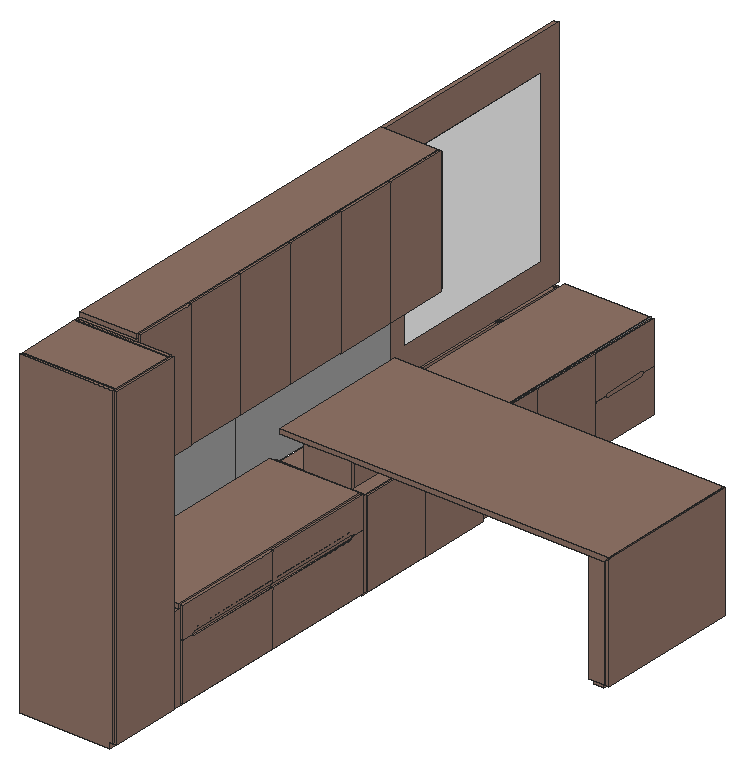
Revit family "T100018", category Furniture, Revit 2022 (continued)
Definition of nested family "OFS SLATE WORKWALL LOW HEIGHT OVERLAY CREDENZAS"
  Automatic sketch dimensions
    plane 12 to Extrusion 12 sketch curve = 1.25"
    Extrusion 12 sketch curve to Extrusion 12 sketch curve = 0.75"
    plane 13 to Sweep 11 sketch curve = 8.70552"
    Sweep 11 sketch curve to Sweep 11 sketch curve = 0.81176"
    Sweep 5 sketch curve to plane 5 = 0.00"
    Sweep 5 sketch curve to plane 3 "Center (Left/Right)" = 0.00"
    Sweep 5 sketch curve to plane 12 = 0.00"
    Sweep 5 sketch curve to profile plane = 0.00"
    profile plane to Sweep 5 sketch curve = 0.75"
    Sweep 5 sketch curve to Sweep 5 sketch curve = 1.25"
    Extrusion 7 sketch curve to plane 3 "Center (Left/Right)" = 0.00"
    plane 5 to Extrusion 7 sketch curve = 0.00"
    plane 12 to Extrusion 7 sketch curve = 1.25"  (x2)
    plane 13 to Extrusion 7 sketch curve = 1.1875"  (x2)
    Extrusion 13 sketch curve to plane 17 = 0.0625"
    plane 17 to Extrusion 13 sketch curve = 0.0625"
    plane 12 to Extrusion 13 sketch curve = 2.00"  (x2)
    Extrusion 13 sketch curve to Extrusion 13 sketch curve = 0.00"
    Extrusion 13 sketch curve to Extrusion 13 sketch curve = 0.125"  (x2)
    plane 13 to Extrusion 13 sketch curve = 0.0625"  (x2)
    Masking region 1 sketch curve to plane 3 "Center (Left/Right)" = 0.00"
    Masking region 1 sketch curve to plane 8 = 0.00"
    Masking region 1 sketch curve to plane 5 = 0.00"
    plane 13 to Extrusion 15 sketch curve = 0.00"
    Extrusion 15 sketch curve to plane 14 = 0.00"
    Extrusion 15 sketch curve to plane 1 "Center (Front/Back)" = 0.00"
    plane 25 to Extrusion 15 sketch curve = 0.00"
    plane 12 to Extrusion 14 sketch curve = 2.00"  (x3)
    plane 13 to Extrusion 14 sketch curve = 0.0625"  (x3)
    plane 25 to Extrusion 14 sketch curve = 5.58125"  (x2)
    Extrusion 14 sketch curve to Extrusion 14 sketch curve = 0.00"
    Extrusion 14 sketch curve to Extrusion 14 sketch curve = 0.125"  (x3)
    plane 25 to Extrusion 13 sketch curve = 5.58125"
Definition of nested family "OFS_Slate Private Office_Storage_Cabinet_Wardrobe"
  Parameters (values of type "OFS_Slate Private Office_Storage_Cabinet_Wardrobe")
    Width = 12.00"
    URL = "http://www.ofsbrands.com/"
    Top [instance] = none
    Right [instance] = no
    Model = "Type Catalog"
    Manufacturer = "OFS BRANDS"  # constant formula
    Left [instance] = yes
    Height = 69.00"
    Glides [instance] = none
    Door [instance] = none
    Description = "Type Catalog"
    Depth = 18.00"
    Default Elevation = 0.00"
    Copyright © = "© 2016 OFS BRANDS"  # constant formula
    Catalog = "OFS"  # constant formula
    Case [instance] = none
    Base [instance] = none
    Authoring Version = "Autodesk Revit Architecture 2014"  # constant formula
    Assembly Code = "E2020200"
  Reference planes (in)
    plane 1 "Center (Front/Back)": y = 0
    plane 2: z = 0
    plane 3 "Center (Left/Right)": x = 0
    plane 4: x = 12
    plane 5: x = 6
    plane 6: y = -18
    plane 7: y = -21.66451
    plane 8: z = 68.7
    plane 9: z = 68.6375
    plane 10: z = 67.95
    plane 11: z = 1.7625
    plane 12: z = 2.45
    plane 13: z = 1.7
    plane 14: z = 0.45
    plane 15: z = 69
  Dimensions and locks (in)
    "Width": plane 3 "Center (Left/Right)" to plane 4
    equal spacing: plane 3 "Center (Left/Right)", plane 5, plane 4
    plane 15 to plane 8 to plane 9 to plane 10 = 0.30" locked, 0.0625" locked, 0.6875" locked
    plane 12 to plane 11 to plane 13 to plane 14 to level = 0.6875" locked, 0.0625" locked, 1.25" locked, 0.45" locked
    "Height": plane 15 to level
    equal spacing: nested 3, nested 4, plane 3 "Center (Left/Right)"
    locked: plane 7 to plane 6 at 3.66451
    "Depth": plane 6 to plane 1 "Center (Front/Back)"
    aligned and locked: level to plane 2
    aligned and locked: nested 1 to plane 7
    aligned and locked: plane 5 to nested 1
    aligned and locked: nested 4 to plane 7
  Nested families (in)
    nested 1: "Tag" at (6, -21.66451, 0) x (-1, 0, 0) z (0, 0, 1), visible <- "Left", type "Center", detail levels fine
      with Offset (LR) 0.00", Distance of Center (not Change) 0.11"
    nested 2: "OFS_Slate Private Office_Storage_Cabinet_Wardrobe" at (0, 0, 0), Top <- "Top", Glides <- "Glides", Drawers <- "Door", Case <- "Case", Base <- "Base", visible <- "Left", type "OFS_Slate Private Office_Storage_Cabinet_Wardrobe"
      with Top none, Right no, Left yes, Glides none, Drawers none, Case none, Base none
    nested 3: "OFS_Slate Private Office_Storage_Cabinet_Wardrobe" at (0, 0, 0) x (-1, 0, 0) z (0, 0, 1), Top <- "Top", Glides <- "Glides", Drawers <- "Door", Case <- "Case", Base <- "Base", visible <- "Right", type "OFS_Slate Private Office_Storage_Cabinet_Wardrobe"
      with Top none, Right no, Left yes, Glides none, Drawers none, Case none, Base none
    nested 4: "Tag" at (-6, -21.66451, 0), visible <- "Right", type "Center", detail levels fine
      with Offset (LR) 0.00", Distance of Center (not Change) 0.11"
  Definition of nested family "OFS_Slate Private Office_Storage_Cabinet_Wardrobe"
    Parameters
      Width = 12.00"
      URL = "http://www.ofsbrands.com/"
      Top [instance] = none
      Right [instance] = no
      Model = "Type Catalog"
      Manufacturer = "OFS BRANDS"  # constant formula
      Left [instance] = yes
      Height = 69.00"
      Glides [instance] = none
      Drawers [instance] = none
      Description = "Type Catalog"
      Depth = 18.00"
      Default Elevation = 0.00"
      Copyright © = "© 2016 OFS BRANDS"  # constant formula
      Catalog = "OFS"  # constant formula
      Case [instance] = none
      Base [instance] = none
      Authoring Version = "Autodesk Revit Architecture 2014"  # constant formula
      Assembly Code = "E2020200"
    Reference planes (in)
      plane 1 "Center (Front/Back)": y = 0
      plane 2: z = 0
      plane 3 "Center (Left/Right)": x = 0
      plane 4: x = 12
      plane 5: x = 6
      plane 6: y = -0.75
      plane 7: y = -1.37544
      plane 8: y = -18
      plane 9: y = -17.25
      plane 10: y = -16.375
      plane 11: y = -14.99956
      plane 12: y = -15.625
      plane 13: y = -21.66451
      plane 14: x = 0.75
      plane 15: x = 2.25
      plane 16: x = 9.75
      plane 17: x = 11.25
      plane 18: z = 68.7
      plane 19: z = 68.6375
      plane 20: z = 67.95
      plane 21: z = 1.7625
      plane 22: z = 2.45
      plane 23: z = 1.7
      plane 24: z = 0.45
      plane 25: z = 69
    Forms (in)
      Revolve 1, solid, material <- "Glides"
        sketch origin (14.86463, -1.37544, 140) x (1, 0, 0) y (0, 0, 1)
          loop
            line (-13.47373, -139.55) -> (-13.72373, -139.55) -> (-13.72373, -139.74756) -> (-13.76241, -139.74756)
            arc (-13.76241, -139.74756) -> (-13.84683, -139.89216) -> (-13.71873, -140) r 0.13
            line (-13.71873, -140) -> (-13.47373, -140) -> (-13.47373, -139.55)
          axis (-13.47373, -139.55) -> (-13.47373, -140)
        angle from 0 to 360
      Revolve 2, solid, material <- "Glides"
        sketch origin (-2.86463, -1.37544, 140) x (-1, 0, 0) y (0, 0, -1)
          loop
            line (-13.47373, 139.55) -> (-13.47373, 140) -> (-13.71873, 140)
            arc (-13.71873, 140) -> (-13.84683, 139.89216) -> (-13.76241, 139.74756) r 0.13
            line (-13.76241, 139.74756) -> (-13.72373, 139.74756) -> (-13.72373, 139.55) -> (-13.47373, 139.55)
          axis (-13.47373, 139.55) -> (-13.47373, 140)
        angle from 0 to 360
      Revolve 3, solid, material <- "Glides"
        sketch origin (14.86463, -14.99956, 140) x (1, 0, 0) y (0, 0, 1)
          loop
            line (-13.47373, -139.55) -> (-13.72373, -139.55) -> (-13.72373, -139.74756) -> (-13.76241, -139.74756)
            arc (-13.76241, -139.74756) -> (-13.84683, -139.89216) -> (-13.71873, -140) r 0.13
            line (-13.71873, -140) -> (-13.47373, -140) -> (-13.47373, -139.55)
          axis (-13.47373, -139.55) -> (-13.47373, -140)
        angle from 0 to 360
      Revolve 4, solid, material <- "Glides"
        sketch origin (14.86463, -14.99956, 140) x (1, 0, 0) y (0, 0, 1)
          loop
            line (-4.25553, -139.55) -> (-4.25553, -140) -> (-4.01053, -140)
            arc (-4.01053, -140) -> (-3.88244, -139.89216) -> (-3.96686, -139.74756) r 0.13
            line (-3.96686, -139.74756) -> (-4.00553, -139.74756) -> (-4.00553, -139.55) -> (-4.25553, -139.55)
          axis (-4.25553, -139.55) -> (-4.25553, -140)
        angle from 0 to 360
      Extrusion 5, solid, material <- "Case"
        sketch origin (-18.37457, -60, 0.45) x (-1, 0, 0) y (0, -1, 0)
          loop
            line (-19.12457, -59.25) -> (-19.12457, -57.75) -> (-20.62457, -57.75) -> (-20.62457, -59.25) -> (-19.12457, -59.25)
          loop
            line (-28.12457, -59.25) -> (-28.12457, -57.75) -> (-29.62457, -57.75) -> (-29.62457, -59.25) -> (-28.12457, -59.25)
          loop
            line (-19.12457, -44.375) -> (-20.62457, -44.375) -> (-20.62457, -45.875) -> (-19.12457, -45.875) -> (-19.12457, -44.375)
          loop
            line (-28.12457, -44.375) -> (-29.62457, -44.375) -> (-29.62457, -45.875) -> (-28.12457, -45.875) -> (-28.12457, -44.375)
        from 0 to 1.25
      Sweep 6, solid, material <- "Case"
        path origin (-18.37457, -60, 0.45) x (-1, 0, 0) y (0, -1, 0)
          loop
            line (-19.12457, -60) -> (-19.12457, -44.375) -> (-29.62457, -44.375) -> (-29.62457, -60)
        profile origin (6, -15.625, 0.45) x (0, 1, 0) y (0, 0, 1)
          loop
            line (0, 0) -> (0, 1.25) -> (-0.75, 1.25) -> (-0.75, 0) -> (0, 0)
      Extrusion 7, solid, material <- "Case"
        sketch origin (0, 0, 0) x (1, 0, 0) y (0, 0, 1)
          loop
            line (0, 1.7) -> (0.75, 1.7) -> (0.75, 68.7) -> (0, 68.7) -> (0, 1.7)
          loop
            line (12, 1.7) -> (12, 68.7) -> (11.25, 68.7) -> (11.25, 1.7) -> (12, 1.7)
        from 0 to 17.25
      Extrusion 8, solid, material <- "Drawers"
        sketch origin (-3.04745, -18, 140) x (-1, 0, 0) y (0, 0, 1)
          loop
            line (-14.98502, -138.2375) -> (-3.10988, -138.2375) -> (-3.10988, -71.3625) -> (-14.98502, -71.3625) -> (-14.98502, -138.2375)
        from 0 to 0.75
      Extrusion 9, solid, material <- "Top"
        sketch origin (0.75, 2.87053, 140) x (0, 1, 0) y (0, 0, 1)
          loop
            line (-2.87053, -71.3) -> (-20.12053, -71.3) -> (-20.12053, -72.05) -> (-2.87053, -72.05) -> (-2.87053, -71.3)
        from 0 to 10.5
      Extrusion 10, solid, material <- "Base"
        sketch origin (0.75, 2.87053, 140) x (0, 1, 0) y (0, 0, 1)
          loop
            line (-3.62053, -137.55) -> (-20.12053, -137.55) -> (-20.12053, -138.3) -> (-3.62053, -138.3) -> (-3.62053, -137.55)
        from 0 to 10.5
      Extrusion 11, solid, material <- "Case"
        sketch origin (-18.37457, -60, 0.45) x (-1, 0, 0) y (0, -1, 0)
          loop
            line (-19.12457, -60) -> (-19.12457, -59.25) -> (-29.62457, -59.25) -> (-29.62457, -60) -> (-19.12457, -60)
        from 0 to 67.5
    Cuts and joins
      joined: Sweep 6, Extrusion 7
      joined: Revolve 1, Revolve 2, Revolve 3, Revolve 4
    Lines and regions (in)
      Masking region 1
        outline origin (-18.37457, -60, 68.7) x (-1, 0, 0) y (0, -1, 0)
          loop
            line (-18.37457, -60) -> (-18.37457, -42) -> (-30.37457, -42) -> (-30.37457, -60) -> (-18.37457, -60)
      symbolic lines, detail levels medium+fine
        curve 1: line (0, -18, 68.7) -> (12, -21.66451, 68.7)
        curve 2: line (12, -21.66451, 68.7) -> (12, -18, 68.7)
    Dimensions and locks (in)
      "Width": plane 3 "Center (Left/Right)" to plane 4
      equal spacing: plane 3 "Center (Left/Right)", plane 5, plane 4
      plane 3 "Center (Left/Right)" to plane 14 to plane 15 = 0.75" locked, 1.50" locked
      plane 16 to plane 17 to plane 4 = 1.50" locked, 0.75" locked
      plane 13 to plane 8 to plane 9 to plane 10 to plane 12 to plane 11 = 3.66451" locked, 0.75" locked, 0.875" locked, 0.75" locked, 0.62544" locked
      plane 7 to plane 6 to plane 1 "Center (Front/Back)" = 0.62544" locked, 0.75" locked
      "Depth": plane 8 to plane 1 "Center (Front/Back)"
      plane 25 to plane 18 to plane 19 to plane 20 = 0.30" locked, 0.0625" locked, 0.6875" locked
      plane 22 to plane 21 to plane 23 to plane 24 to level = 0.6875" locked, 0.0625" locked, 1.25" locked, 0.45" locked
      "Height": plane 25 to level
      aligned and locked: level to plane 2
      aligned and locked: Extrusion 5 sketch curve to plane 6  (x2)
      aligned and locked: plane 14 to Extrusion 5 sketch curve
      aligned and locked: Extrusion 5 sketch curve to plane 15
      aligned and locked: plane 16 to Extrusion 5 sketch curve
      aligned and locked: plane 17 to Extrusion 5 sketch curve
      aligned and locked: Extrusion 5 sketch curve to plane 12  (x2)
      aligned and locked: Extrusion 5 sketch curve to plane 14
      aligned and locked: plane 15 to Extrusion 5 sketch curve
      aligned and locked: Extrusion 5 sketch curve to plane 16
      aligned and locked: Extrusion 5 sketch curve to plane 17
      aligned and locked: plane 23 to Extrusion 5
      aligned and locked: Sweep 6 sketch curve to plane 12
      aligned and locked: plane 18 to Extrusion 7 sketch curve
      aligned and locked: Extrusion 7 sketch curve to plane 3 "Center (Left/Right)"
      aligned and locked: plane 14 to Extrusion 7 sketch curve
      aligned and locked: Extrusion 7 sketch curve to plane 18
      aligned and locked: Extrusion 7 sketch curve to plane 17
      aligned and locked: Extrusion 7 sketch curve to plane 4
      aligned and locked: plane 9 to Extrusion 7
      aligned and locked: plane 19 to Extrusion 8 sketch curve
      aligned and locked: plane 21 to Extrusion 8 sketch curve
      aligned and locked: Extrusion 9 sketch curve to plane 9
      aligned and locked: Extrusion 9 sketch curve to plane 18
      aligned and locked: plane 20 to Extrusion 9 sketch curve
      aligned and locked: plane 1 "Center (Front/Back)" to Extrusion 9 sketch curve
      aligned and locked: Extrusion 10 sketch curve to plane 22
      aligned and locked: Extrusion 10 sketch curve to plane 6
      aligned and locked: Extrusion 10 to plane 17
      aligned and locked: Extrusion 11 sketch curve to Extrusion 10
      aligned and locked: plane 20 to Extrusion 11
      aligned and locked: Extrusion 9 to plane 17
      aligned and locked: plane 14 to Sweep 6 sketch curve
      aligned and locked: plane 17 to Sweep 6 sketch curve
      aligned and locked: Extrusion 11 to plane 24
      aligned and locked: Masking region 1 sketch curve to plane 4
      aligned and locked: plane 3 "Center (Left/Right)" to Masking region 1 sketch curve
      aligned and locked: plane 1 "Center (Front/Back)" to Masking region 1 sketch curve
      aligned and locked: plane 8 to Masking region 1 sketch curve
      aligned and locked: plane 13 to curve 1
      aligned and locked: plane 4 to curve 1
      aligned and locked: plane 3 "Center (Left/Right)" to curve 1
      aligned and locked: plane 8 to curve 1
      aligned and locked: plane 8 to curve 2
      aligned and locked: Extrusion 7 sketch curve to plane 23
      aligned and locked: plane 23 to Extrusion 7 sketch curve
      aligned and locked: plane 1 "Center (Front/Back)" to Sweep 6 sketch curve  (x2)
    Automatic sketch dimensions
      Revolve 1 sketch curve to plane 24 = 0.00"
      Revolve 1 sketch curve to level = 0.00"
      Revolve 1 sketch curve to plane 24 = 0.19756"
      plane 14 to Revolve 1 sketch curve = 0.35223"
      Revolve 1 sketch curve to Revolve 1 sketch curve = 0.03868"
      Revolve 1 sketch curve to Revolve 1 sketch curve = 0.005"
      Revolve 1 sketch curve to Revolve 1 sketch curve = 0.245"
      Revolve 1 sketch curve to Revolve 1 sketch curve = 0.00"
      Revolve 1 sketch curve to level = 0.14265"
      Revolve 1 sketch curve to Revolve 1 sketch curve = 0.19756"
      Revolve 2 sketch curve to plane 24 = 0.00"
      Revolve 2 sketch curve to level = 0.00"
      Revolve 2 sketch curve to plane 24 = 0.19756"
      plane 17 to Revolve 2 sketch curve = 0.35223"
      Revolve 2 sketch curve to Revolve 2 sketch curve = 0.03868"
      Revolve 2 sketch curve to Revolve 2 sketch curve = 0.005"
      Revolve 2 sketch curve to Revolve 2 sketch curve = 0.245"
      Revolve 2 sketch curve to Revolve 2 sketch curve = 0.00"
      Revolve 2 sketch curve to Revolve 2 sketch curve = 0.19756"
      Revolve 2 sketch curve to level = 0.14265"
      Revolve 3 sketch curve to plane 24 = 0.00"
      Revolve 3 sketch curve to level = 0.00"
      Revolve 3 sketch curve to plane 24 = 0.19756"
      plane 14 to Revolve 3 sketch curve = 0.35223"
      Revolve 3 sketch curve to Revolve 3 sketch curve = 0.03868"
      Revolve 3 sketch curve to Revolve 3 sketch curve = 0.005"
      Revolve 3 sketch curve to Revolve 3 sketch curve = 0.245"
      Revolve 3 sketch curve to Revolve 3 sketch curve = 0.00"
      Revolve 3 sketch curve to level = 0.14265"
      Revolve 3 sketch curve to Revolve 3 sketch curve = 0.19756"
      Revolve 4 sketch curve to plane 24 = 0.00"
      Revolve 4 sketch curve to level = 0.00"
      plane 17 to Revolve 4 sketch curve = 0.6409"
      Revolve 4 sketch curve to Revolve 4 sketch curve = 0.245"
      Revolve 4 sketch curve to Revolve 4 sketch curve = 0.005"
      Revolve 4 sketch curve to Revolve 4 sketch curve = 0.03868"
      Revolve 4 sketch curve to Revolve 4 sketch curve = 0.13"
      Revolve 4 sketch curve to Revolve 4 sketch curve = 0.00"
      Revolve 4 sketch curve to level = 0.14265"
      Revolve 4 sketch curve to Revolve 4 sketch curve = 0.19756"
      plane 7 to Extrusion 5 sketch curve = 0.87456"  (x2)
      Extrusion 5 sketch curve to plane 11 = 0.87456"  (x2)
      Sweep 6 sketch curve to plane 24 = 0.00"
      Sweep 6 sketch curve to profile plane = 0.00"
      profile plane to Sweep 6 sketch curve = 0.75"
      Sweep 6 sketch curve to Sweep 6 sketch curve = 1.25"
      Extrusion 8 sketch curve to plane 4 = 0.06243"
      plane 3 "Center (Left/Right)" to Extrusion 8 sketch curve = 0.06243"
      Extrusion 11 sketch curve to plane 6 = 0.00"
      Extrusion 10 sketch curve to plane 9 = 0.00"
      Extrusion 10 sketch curve to plane 23 = 0.00"
      Extrusion 11 sketch curve to plane 14 = 0.00"
      plane 1 "Center (Front/Back)" to Extrusion 11 sketch curve = 0.00"
  Definition of nested family "Tag"
    Parameters
      P_Width = 0.00"
      Text_Width = "Empty"
      Text_Height = "Empty"
      Text_Diameter = "Empty"
      Text_Depth = "Empty"
      Offset (LR) [instance] = 0.00"
      Model Name = "Type Catalog"
      P_Height = 0.00"
      Distance of Center (not Change) = 0.10"
      P_Diameter = 0.00"
      P_Depth = 0.00"
    Reference planes (in)
      plane 1: y = 0
      plane 2: x = 0
    Lines and regions (in)
      reference lines
        curve 1: line (-0.44359, 0.1, 0) -> (0.41085, 0.1, 0)
        curve 3: line (0, 0.42564, 0) -> (0, -0.30221, 0)
      reference lines, not visible
        curve 2: line (-0.44359, 0.09843, 0) -> (0.41085, 0.09843, 0)
        curve 4: line (0, 0.42407, 0) -> (0, -0.30379, 0)
    Text (in)
      label "Empty" at (0.00197, 0.0921, 0), shows "Model Name"
      label "Empty" at (0.00197, 0.09052, 0), shows "Model Name", not visible
    Dimensions and locks (in)
      "Distance of Center (not Change)": plane 1 to curve 1
      "Offset (LR)": curve 3 to plane 2
    Automatic sketch dimensions
      curve 1 to curve 3 = 0.44359"
      curve 3 to curve 1 = 0.41085"
      curve 3 to curve 1 = 0.40221"
      curve 1 to curve 3 = 0.32564"
      curve 2 to curve 4 = 0.44359"
      curve 4 to curve 2 = 0.41085"
      curve 4 to curve 2 = 0.40221"
      curve 2 to curve 4 = 0.32564"
Definition of nested family "OFS SLATE OVERLAY WALLMOUNT ORGANIZER W HINGED DOORS 2H"
  Parameters (values of type "OVERLAY WALLMOUNT ORGANIZER W 6 HINGED DOORS 2H 96"")
    Width = 96.00"
    URL = "http://www.ofs.com/"
    Top Board Thickness = 1.0625"
    Model = "CA-A9632HDW"
    Manufacturer = "CAROLINA"
    Height From Floor = 50.25"
    Height = 31.50"
    Glides [instance] = none
    Gap2 = 0.0625"
    Gap1 = 0.125"
    Front Panel Finish [instance] = none
    Front Board Thickness = 0.75"
    Description = "OFS SLATE OVERLAY WALLMOUNT ORGANIZER WITH 6 HINGED DOORS, 96\" Width, 2 High Cabinet Supports Binder Storage"
    Depth = 15.00"
    Default Elevation = 0.00"
    Copyright © = "©OFS 2019"
    Catalog = "https://ofs.com/products/tables/conference/slate"
    Chasis [instance] = none
    Bottom Board Thickness = 1.25"
    Board Thickness = 1.1875"
    Back Board Thickness = 0.75"
    Authoring Version = "Autodesk Revit Architecture 2014"
    Assembly Code = "E2020200"
    6 Doors = yes
    4 Doors = no
    3 Doors = no
    2 Doors = no
  Types (13): name | Width | Model | Description | 6 Doors | 4 Doors | 3 Doors | 2 Doors
    (no name) | 96.00" | "CA-A9632HDW" | "OFS SLATE OVERLAY WALLMOUNT ORGANIZER WITH 6 HINGED DOORS, 96\" Width, 2 High Cabinet Supports Binder Storage" | yes | no | no | no
    OVERLAY WALLMOUNT ORGANIZER W 2 HINGED DOORS 2H 30" | 30.00" | "CA-A3032HDW" | "OFS SLATE OVERLAY WALLMOUNT ORGANIZER WITH 2 HINGED DOORS, 30\" Width, 2 High Cabinet Supports Binder Storage" | no | no | no | yes
    OVERLAY WALLMOUNT ORGANIZER W 2 HINGED DOORS 2H 36" | 36.00" | "CA-A3632HDW" | "OFS SLATE OVERLAY WALLMOUNT ORGANIZER WITH 2 HINGED DOORS, 36\" Width, 2 High Cabinet Supports Binder Storage" | no | no | no | yes
    OVERLAY WALLMOUNT ORGANIZER W 3 HINGED DOORS 2H 54" | 54.00" | "CA-A5432HDW" | "OFS SLATE OVERLAY WALLMOUNT ORGANIZER WITH 3 HINGED DOORS, 54\" Width, 2 High Cabinet Supports Binder Storage" | no | no | yes | no
    OVERLAY WALLMOUNT ORGANIZER W 4 HINGED DOORS 2H 60" | 60.00" | "CA-A6032HDW" | "OFS SLATE OVERLAY WALLMOUNT ORGANIZER WITH 4 HINGED DOORS, 60\" Width, 2 High Cabinet Supports Binder Storage" | no | yes | no | no
    OVERLAY WALLMOUNT ORGANIZER W 4 HINGED DOORS 2H 66" | 66.00" | "CA-A6632HDW" | "OFS SLATE OVERLAY WALLMOUNT ORGANIZER WITH 4 HINGED DOORS, 66\" Width, 2 High Cabinet Supports Binder Storage" | no | yes | no | no
    OVERLAY WALLMOUNT ORGANIZER W 4 HINGED DOORS 2H 72" | 72.00" | "CA-A7232HDW" | "OFS SLATE OVERLAY WALLMOUNT ORGANIZER WITH 4 HINGED DOORS, 72\" Width, 2 High Cabinet Supports Binder Storage" | no | yes | no | no
    OVERLAY WALLMOUNT ORGANIZER W 4 HINGED DOORS 2H 78" | 78.00" | "CA-A7832HDW" | "OFS SLATE OVERLAY WALLMOUNT ORGANIZER WITH 4 HINGED DOORS, 78\" Width, 2 High Cabinet Supports Binder Storage" | no | yes | no | no
    OVERLAY WALLMOUNT ORGANIZER W 4 HINGED DOORS 2H 84" | 84.00" | "CA-A8432HDW" | "OFS SLATE OVERLAY WALLMOUNT ORGANIZER WITH 4 HINGED DOORS, 84\" Width, 2 High Cabinet Supports Binder Storage" | no | yes | no | no
    OVERLAY WALLMOUNT ORGANIZER W 6 HINGED DOORS 2H 90" | 90.00" | "CA-A9032HDW" | "OFS SLATE OVERLAY WALLMOUNT ORGANIZER WITH 6 HINGED DOORS, 90\" Width, 2 High Cabinet Supports Binder Storage" | yes | no | no | no
    OVERLAY WALLMOUNT ORGANIZER W 6 HINGED DOORS 2H 96" | 96.00" | "CA-A9632HDW" | "OFS SLATE OVERLAY WALLMOUNT ORGANIZER WITH 6 HINGED DOORS, 96\" Width, 2 High Cabinet Supports Binder Storage" | yes | no | no | no
    OVERLAY WALLMOUNT ORGANIZER W 6 HINGED DOORS 2H 102" | 102.00" | "CA-A10232HDW" | "OFS SLATE OVERLAY WALLMOUNT ORGANIZER WITH 6 HINGED DOORS, 102\" Width, 2 High Cabinet Supports Binder Storage" | yes | no | no | no
    OVERLAY WALLMOUNT ORGANIZER W 6 HINGED DOORS 2H 108" | 108.00" | "CA-A10832HDW" | "OFS SLATE OVERLAY WALLMOUNT ORGANIZER WITH 6 HINGED DOORS, 108\" Width, 2 High Cabinet Supports Binder Storage" | yes | no | no | no
  Reference planes (in)
    plane 1 "Center Front/Back": y = 4.5
    plane 2 "Bottom": z = 0
    plane 3 "Center Left/Right": x = 0
    plane 4 "Back": y = 12
    plane 5 "Front": y = -3
    plane 6 "Left": x = -48
    plane 7 "Right": x = 48
    plane 8: z = 81.75
    plane 9: z = 50.25
    plane 10: z = 51.5
    plane 11: z = 80.6875
    plane 12: x = -46.8125
    plane 13: x = 46.8125
    plane 14: y = 11.25
    plane 15: y = -2.25
    plane 16: x = -0.0625
    plane 17: x = 0.0625
    plane 18: x = -46.8125
    plane 19: x = 46.8125
    plane 20: x = -23.40625
    plane 21: x = -23.46875
    plane 22: x = -23.34375
    plane 23: x = 23.40625
    plane 24: x = 23.46875
    plane 25: x = 23.34375
    plane 26: x = -15.60417
    plane 27: x = -15.66667
    plane 28: x = -15.54167
    plane 29: x = 15.60417
    plane 30: x = 15.66667
    plane 31: x = 15.54167
    plane 32: x = -31.20833
    plane 33: x = 31.20833
    plane 34: x = -31.27083
    plane 35: x = -31.14583
    plane 36: x = 31.27083
    plane 37: x = 31.14583
    plane 38: z = 79.9375
    plane 39: x = 47
    plane 40: x = -47
  Forms (in)
    Extrusion 1, solid, material <- "Chasis"
      sketch origin (0, 0, 0) x (1, 0, 0) y (0, 1, 0)
        loop
          line (-46.8125, 12) -> (-46.8125, 11.25) -> (46.8125, 11.25) -> (46.8125, 12) -> (-46.8125, 12)
      from 50.25 to 79.9375
    Extrusion 2, solid, material <- "Chasis"
      sketch origin (0, 0, 0) x (1, 0, 0) y (0, 1, 0)
        loop
          line (-48, 12) -> (-48, -2.25) -> (-46.8125, -2.25) -> (-46.8125, 12) -> (-48, 12)
        loop
          line (46.8125, 12) -> (46.8125, -2.25) -> (48, -2.25) -> (48, 12) -> (46.8125, 12)
      from 50.25 to 80.6875
    Extrusion 3, solid, material <- "Chasis"
      sketch origin (0, 0, 0) x (1, 0, 0) y (0, 1, 0)
        loop
          line (-46.8125, 11.25) -> (-46.8125, -2.25) -> (46.8125, -2.25) -> (46.8125, 11.25) -> (-46.8125, 11.25)
      from 50.25 to 51.5
    Extrusion 4, solid, material <- "Chasis"
      sketch origin (0, 0, 0) x (1, 0, 0) y (0, 1, 0)
        loop
          line (-47, 12) -> (-47, -2.25) -> (47, -2.25) -> (47, 12) -> (-47, 12)
      from 80.6875 to 81.75
    Extrusion 5, solid, material <- "Front Panel Finish", visible <- "4 Doors"
      sketch origin (0, 0, 0) x (0, 1, 0) y (0, 0, 1)
        loop
          line (-3, 81.75) -> (-3, 50.25) -> (-2.625, 50.25) -> (-2.25, 50.625) -> (-2.25, 81.75) -> (-3, 81.75)
      from -46.8125 to -23.46875
    Extrusion 6, solid, material <- "Front Panel Finish", visible <- "6 Doors"
      sketch origin (0, 0, 0) x (0, 1, 0) y (0, 0, 1)
        loop
          line (-3, 81.75) -> (-3, 50.25) -> (-2.625, 50.25) -> (-2.25, 50.625) -> (-2.25, 81.75) -> (-3, 81.75)
      from -46.8125 to -31.27083
    Extrusion 7, solid, material <- "Front Panel Finish", visible <- "4 Doors"
      sketch origin (27, 0, 0) x (0, 1, 0) y (0, 0, 1)
        loop
          line (-3, 81.75) -> (-3, 50.25) -> (-2.625, 50.25) -> (-2.25, 50.625) -> (-2.25, 81.75) -> (-3, 81.75)
      from -50.34375 to -27.0625
    Extrusion 8, solid, material <- "Front Panel Finish", visible <- "4 Doors"
      sketch origin (55, 0, 0) x (0, 1, 0) y (0, 0, 1)
        loop
          line (-3, 81.75) -> (-3, 50.25) -> (-2.625, 50.25) -> (-2.25, 50.625) -> (-2.25, 81.75) -> (-3, 81.75)
      from -54.9375 to -31.53125
    Extrusion 9, solid, material <- "Front Panel Finish", visible <- "4 Doors"
      sketch origin (82, 0, 0) x (0, 1, 0) y (0, 0, 1)
        loop
          line (-3, 81.75) -> (-3, 50.25) -> (-2.625, 50.25) -> (-2.25, 50.625) -> (-2.25, 81.75) -> (-3, 81.75)
      from -58.65625 to -35.1875
    Extrusion 10, solid, material <- "Front Panel Finish", visible <- "3 Doors"
      sketch origin (0, 0, 0) x (0, 1, 0) y (0, 0, 1)
        loop
          line (-3, 81.75) -> (-3, 50.25) -> (-2.625, 50.25) -> (-2.25, 50.625) -> (-2.25, 81.75) -> (-3, 81.75)
      from -46.8125 to -15.54167
    Extrusion 11, solid, material <- "Front Panel Finish", visible <- "3 Doors"
      sketch origin (-17, 0, 0) x (0, 1, 0) y (0, 0, 1)
        loop
          line (-3, 81.75) -> (-3, 50.25) -> (-2.625, 50.25) -> (-2.25, 50.625) -> (-2.25, 81.75) -> (-3, 81.75)
      from 1.33333 to 32.66667
    Extrusion 12, solid, material <- "Front Panel Finish", visible <- "3 Doors"
      sketch origin (-34.25, 0, 0) x (0, 1, 0) y (0, 0, 1)
        loop
          line (-3, 81.75) -> (-3, 50.25) -> (-2.625, 50.25) -> (-2.25, 50.625) -> (-2.25, 81.75) -> (-3, 81.75)
      from 49.79167 to 81.0625
    Extrusion 13, solid, material <- "Front Panel Finish", visible <- "6 Doors"
      sketch origin (17, 0, 0) x (0, 1, 0) y (0, 0, 1)
        loop
          line (-3, 81.75) -> (-3, 50.25) -> (-2.625, 50.25) -> (-2.25, 50.625) -> (-2.25, 81.75) -> (-3, 81.75)
      from -48.14583 to -32.54167
    Extrusion 14, solid, material <- "Front Panel Finish", visible <- "6 Doors"
      sketch origin (35.20833, 0, 0) x (0, 1, 0) y (0, 0, 1)
        loop
          line (-3, 81.75) -> (-3, 50.25) -> (-2.625, 50.25) -> (-2.25, 50.625) -> (-2.25, 81.75) -> (-3, 81.75)
      from -50.875 to -35.27083
    Extrusion 15, solid, material <- "Front Panel Finish", visible <- "6 Doors"
      sketch origin (53.20833, 0, 0) x (0, 1, 0) y (0, 0, 1)
        loop
          line (-3, 81.75) -> (-3, 50.25) -> (-2.625, 50.25) -> (-2.25, 50.625) -> (-2.25, 81.75) -> (-3, 81.75)
      from -53.14583 to -37.54167
    Extrusion 16, solid, material <- "Front Panel Finish", visible <- "6 Doors"
      sketch origin (71.20833, 0, 0) x (0, 1, 0) y (0, 0, 1)
        loop
          line (-3, 81.75) -> (-3, 50.25) -> (-2.625, 50.25) -> (-2.25, 50.625) -> (-2.25, 81.75) -> (-3, 81.75)
      from -55.66667 to -39.9375
    Extrusion 17, solid, material <- "Front Panel Finish", visible <- "6 Doors"
      sketch origin (89.20833, 0, 0) x (0, 1, 0) y (0, 0, 1)
        loop
          line (-3, 81.75) -> (-3, 50.25) -> (-2.625, 50.25) -> (-2.25, 50.625) -> (-2.25, 81.75) -> (-3, 81.75)
      from -58.0625 to -42.39583
    Extrusion 18, solid, material <- "Front Panel Finish", visible <- "2 Doors"
      sketch origin (35.20833, 0, 0) x (0, 1, 0) y (0, 0, 1)
        loop
          line (-3, 81.75) -> (-3, 50.25) -> (-2.625, 50.25) -> (-2.25, 50.625) -> (-2.25, 81.75) -> (-3, 81.75)
      from -82.02083 to -35.27083
    Extrusion 19, solid, material <- "Front Panel Finish", visible <- "2 Doors"
      sketch origin (53.20833, 0, 0) x (0, 1, 0) y (0, 0, 1)
        loop
          line (-3, 81.75) -> (-3, 50.25) -> (-2.625, 50.25) -> (-2.25, 50.625) -> (-2.25, 81.75) -> (-3, 81.75)
      from -53.14583 to -6.39583
    Extrusion 20, solid, material <- "Chasis"
      sketch origin (0, 0, 0) x (1, 0, 0) y (0, 1, 0)
        loop
          line (-46.8125, 12) -> (-46.8125, -2.25) -> (46.8125, -2.25) -> (46.8125, 12) -> (-46.8125, 12)
      from 79.9375 to 80.6875
  Dimensions and locks (in)
    equal spacing: plane 5 "Front", plane 1 "Center Front/Back", plane 4 "Back"
    "Depth": plane 4 "Back" to plane 5 "Front"
    equal spacing: plane 6 "Left", plane 3 "Center Left/Right", plane 7 "Right"
    "Width": plane 6 "Left" to plane 7 "Right"
    "Front Board Thickness": plane 15 to plane 5 "Front"
    "Back Board Thickness": plane 14 to plane 4 "Back"
    "Board Thickness": plane 6 "Left" to plane 12
    "Board Thickness": plane 13 to plane 7 "Right"
    "Top Board Thickness": plane 8 to plane 11
    "Bottom Board Thickness": plane 10 to plane 9
    "Height From Floor": plane 9 to plane 2 "Bottom"
    "Height": plane 8 to plane 9
    equal spacing: plane 16, plane 3 "Center Left/Right", plane 17
    "Gap1": plane 16 to plane 17
    "Board Thickness": plane 6 "Left" to plane 18
    "Board Thickness": plane 19 to plane 7 "Right"
    equal spacing: plane 21, plane 20, plane 22
    "Gap1": plane 21 to plane 22
    equal spacing: plane 18, plane 20, plane 3 "Center Left/Right"
    equal spacing: plane 24, plane 23, plane 25
    equal spacing: plane 19, plane 23, plane 3 "Center Left/Right"
    "Gap1": plane 25 to plane 24
    equal spacing: plane 27, plane 26, plane 28
    "Gap1": plane 27 to plane 28
    equal spacing: plane 30, plane 29, plane 31
    "Gap1": plane 30 to plane 31
    equal spacing: plane 18, plane 26, plane 29, plane 19
    equal spacing: plane 18, plane 32, plane 26
    equal spacing: plane 19, plane 33, plane 29
    equal spacing: plane 34, plane 32, plane 35
    "Gap1": plane 34 to plane 35
    equal spacing: plane 37, plane 33, plane 36
    "Gap1": plane 37 to plane 36
    "Front Board Thickness": plane 11 to plane 38
    locked: plane 13 to plane 39 at 0.1875
    locked: plane 12 to plane 40 at 0.1875
    aligned and locked: level to plane 2 "Bottom"
    aligned and locked: plane 4 "Back" to Extrusion 1 sketch curve
    aligned and locked: Extrusion 1 sketch curve to plane 14
    aligned and locked: plane 4 "Back" to Extrusion 2 sketch curve  (x2)
    aligned and locked: plane 6 "Left" to Extrusion 2 sketch curve
    aligned and locked: plane 15 to Extrusion 2 sketch curve  (x2)
    aligned and locked: plane 7 "Right" to Extrusion 2 sketch curve
    aligned and locked: plane 12 to Extrusion 3 sketch curve
    aligned and locked: plane 14 to Extrusion 3 sketch curve
    aligned and locked: plane 13 to Extrusion 3 sketch curve
    aligned and locked: plane 15 to Extrusion 3 sketch curve
    aligned and locked: plane 10 to Extrusion 3
    aligned and locked: Extrusion 3 to plane 9
    aligned and locked: plane 15 to Extrusion 4 sketch curve
    aligned and locked: Extrusion 5 sketch curve to plane 5 "Front"
    aligned and locked: Extrusion 5 sketch curve to plane 15
    aligned and locked: plane 8 to Extrusion 5 sketch curve
    aligned and locked: Extrusion 5 to plane 18
    aligned and locked: plane 21 to Extrusion 5
    aligned and locked: plane 22 to Extrusion 7
    aligned and locked: plane 16 to Extrusion 7
    aligned and locked: plane 17 to Extrusion 8
    aligned and locked: Extrusion 8 to plane 24
    aligned and locked: Extrusion 9 to plane 25
    aligned and locked: Extrusion 9 to plane 19
    aligned and locked: Extrusion 10 to plane 28
    aligned and locked: Extrusion 10 to plane 18
    aligned and locked: Extrusion 11 to plane 30
    aligned and locked: Extrusion 11 to plane 27
    aligned and locked: Extrusion 12 to plane 19
    aligned and locked: Extrusion 12 to plane 31
    aligned and locked: Extrusion 6 to plane 18
    aligned and locked: plane 34 to Extrusion 6
    aligned and locked: plane 35 to Extrusion 13
    aligned and locked: Extrusion 13 to plane 28
    aligned and locked: Extrusion 14 to plane 27
    aligned and locked: plane 16 to Extrusion 14
    aligned and locked: plane 17 to Extrusion 15
    aligned and locked: Extrusion 15 to plane 30
    aligned and locked: Extrusion 16 to plane 31
    aligned and locked: plane 36 to Extrusion 16
    aligned and locked: plane 37 to Extrusion 17
    aligned and locked: Extrusion 17 to plane 19
    aligned and locked: plane 17 to Extrusion 19
    aligned and locked: plane 16 to Extrusion 18
    aligned and locked: Extrusion 18 to plane 18
    aligned and locked: Extrusion 19 to plane 19
    aligned and locked: plane 4 "Back" to Extrusion 20 sketch curve
    aligned and locked: plane 15 to Extrusion 20 sketch curve
    aligned and locked: plane 12 to Extrusion 2
    aligned and locked: plane 13 to Extrusion 2
    aligned and locked: Extrusion 4 to plane 40
    aligned and locked: Extrusion 1 to plane 12
    aligned and locked: Extrusion 20 to plane 12
    aligned and locked: Extrusion 1 to plane 13
    aligned and locked: Extrusion 20 to plane 13
    aligned and locked: plane 8 to Extrusion 4
    aligned and locked: plane 11 to Extrusion 2
    aligned and locked: Extrusion 4 to plane 11
    aligned and locked: plane 11 to Extrusion 20
    aligned and locked: Extrusion 20 to plane 38
    aligned and locked: plane 38 to Extrusion 1
    aligned and locked: Extrusion 2 to plane 9
    aligned and locked: Extrusion 1 to plane 9
  Automatic sketch dimensions
    plane 4 "Back" to Extrusion 4 sketch curve = 0.00"
    Extrusion 5 sketch curve to plane 9 = 0.00"
    plane 5 "Front" to Extrusion 5 sketch curve = 0.375"
    plane 9 to Extrusion 5 sketch curve = 0.375"
    Extrusion 6 sketch curve to plane 5 "Front" = 0.00"
    Extrusion 6 sketch curve to plane 9 = 0.00"
    Extrusion 6 sketch curve to plane 8 = 0.00"
    Extrusion 6 sketch curve to plane 15 = 0.00"
    plane 5 "Front" to Extrusion 6 sketch curve = 0.375"
    plane 9 to Extrusion 6 sketch curve = 0.375"
    Extrusion 7 sketch curve to plane 5 "Front" = 0.00"
    Extrusion 7 sketch curve to plane 9 = 0.00"
    Extrusion 7 sketch curve to plane 8 = 0.00"
    Extrusion 7 sketch curve to plane 15 = 0.00"
    plane 5 "Front" to Extrusion 7 sketch curve = 0.375"
    plane 9 to Extrusion 7 sketch curve = 0.375"
    Extrusion 8 sketch curve to plane 5 "Front" = 0.00"
    Extrusion 8 sketch curve to plane 9 = 0.00"
    Extrusion 8 sketch curve to plane 8 = 0.00"
    Extrusion 8 sketch curve to plane 15 = 0.00"
    plane 5 "Front" to Extrusion 8 sketch curve = 0.375"
    plane 9 to Extrusion 8 sketch curve = 0.375"
    Extrusion 9 sketch curve to plane 5 "Front" = 0.00"
    Extrusion 9 sketch curve to plane 9 = 0.00"
    Extrusion 9 sketch curve to plane 8 = 0.00"
    Extrusion 9 sketch curve to plane 15 = 0.00"
    plane 5 "Front" to Extrusion 9 sketch curve = 0.375"
    plane 9 to Extrusion 9 sketch curve = 0.375"
    Extrusion 10 sketch curve to plane 5 "Front" = 0.00"
    Extrusion 10 sketch curve to plane 9 = 0.00"
    Extrusion 10 sketch curve to plane 8 = 0.00"
    Extrusion 10 sketch curve to plane 15 = 0.00"
    plane 5 "Front" to Extrusion 10 sketch curve = 0.375"
    plane 9 to Extrusion 10 sketch curve = 0.375"
    Extrusion 11 sketch curve to plane 5 "Front" = 0.00"
    Extrusion 11 sketch curve to plane 9 = 0.00"
    Extrusion 11 sketch curve to plane 8 = 0.00"
    Extrusion 11 sketch curve to plane 15 = 0.00"
    Extrusion 11 sketch curve to Extrusion 11 sketch curve = 0.375"
    plane 9 to Extrusion 11 sketch curve = 0.375"
    Extrusion 12 sketch curve to plane 5 "Front" = 0.00"
    Extrusion 12 sketch curve to plane 9 = 0.00"
    Extrusion 12 sketch curve to plane 8 = 0.00"
    Extrusion 12 sketch curve to plane 15 = 0.00"
    Extrusion 12 sketch curve to Extrusion 12 sketch curve = 0.375"
    plane 9 to Extrusion 12 sketch curve = 0.375"
    Extrusion 13 sketch curve to plane 5 "Front" = 0.00"
    Extrusion 13 sketch curve to plane 9 = 0.00"
    Extrusion 13 sketch curve to plane 8 = 0.00"
    Extrusion 13 sketch curve to plane 15 = 0.00"
    plane 5 "Front" to Extrusion 13 sketch curve = 0.375"
    plane 9 to Extrusion 13 sketch curve = 0.375"
    Extrusion 14 sketch curve to plane 5 "Front" = 0.00"
    Extrusion 14 sketch curve to plane 9 = 0.00"
    Extrusion 14 sketch curve to plane 8 = 0.00"
    Extrusion 14 sketch curve to plane 15 = 0.00"
    plane 5 "Front" to Extrusion 14 sketch curve = 0.375"
    plane 9 to Extrusion 14 sketch curve = 0.375"
    Extrusion 15 sketch curve to plane 5 "Front" = 0.00"
    Extrusion 15 sketch curve to plane 9 = 0.00"
    Extrusion 15 sketch curve to plane 8 = 0.00"
    Extrusion 15 sketch curve to plane 15 = 0.00"
    plane 5 "Front" to Extrusion 15 sketch curve = 0.375"
    plane 9 to Extrusion 15 sketch curve = 0.375"
    Extrusion 16 sketch curve to plane 5 "Front" = 0.00"
    Extrusion 16 sketch curve to plane 9 = 0.00"
    Extrusion 16 sketch curve to plane 8 = 0.00"
    Extrusion 16 sketch curve to plane 15 = 0.00"
    plane 5 "Front" to Extrusion 16 sketch curve = 0.375"
    plane 9 to Extrusion 16 sketch curve = 0.375"
    Extrusion 17 sketch curve to plane 5 "Front" = 0.00"
    Extrusion 17 sketch curve to plane 9 = 0.00"
    Extrusion 17 sketch curve to plane 8 = 0.00"
    Extrusion 17 sketch curve to plane 15 = 0.00"
    plane 5 "Front" to Extrusion 17 sketch curve = 0.375"
    plane 9 to Extrusion 17 sketch curve = 0.375"
    Extrusion 18 sketch curve to plane 5 "Front" = 0.00"
    Extrusion 18 sketch curve to plane 9 = 0.00"
    Extrusion 18 sketch curve to plane 8 = 0.00"
    Extrusion 18 sketch curve to plane 15 = 0.00"
    plane 5 "Front" to Extrusion 18 sketch curve = 0.375"
    plane 9 to Extrusion 18 sketch curve = 0.375"
    Extrusion 19 sketch curve to plane 5 "Front" = 0.00"
    Extrusion 19 sketch curve to plane 9 = 0.00"
    Extrusion 19 sketch curve to plane 8 = 0.00"
    Extrusion 19 sketch curve to plane 15 = 0.00"
    plane 5 "Front" to Extrusion 19 sketch curve = 0.375"
    plane 9 to Extrusion 19 sketch curve = 0.375"
    plane 13 to Extrusion 1 sketch curve = 0.00"
    plane 12 to Extrusion 1 sketch curve = 0.00"
    plane 12 to Extrusion 20 sketch curve = 0.00"
    plane 13 to Extrusion 20 sketch curve = 0.00"
    plane 13 to Extrusion 2 sketch curve = 0.00"
    plane 12 to Extrusion 2 sketch curve = 0.00"
    Extrusion 4 sketch curve to plane 13 = 0.1875"
    Extrusion 4 sketch curve to plane 12 = 0.1875"
Definition of nested family "OFS SLATE WALLMOUNT PANEL VENEER 1.5H"
  Parameters (values of type "WALLMOUNT PANEL VENEER 1.5H 36"")
    Width = 36.00"
    URL = "http://www.ofs.com/"
    Model = "CA-3621WP"
    Manufacturer = "CAROLINA"
    Height From Floor = 28.0625"
    Height = 22.1875"
    Glides [instance] = none
    Front Panel Finish [instance] = none
    Description = "OFS SLATE WALLMOUNT PANEL, 1.5 Height, Veneer Finish, 36\" Width, Use between Workwall Credenzas and Wallmount Organizers"
    Depth = 1.1875"
    Default Elevation = 0.00"
    Copyright © = "©OFS 2019"
    Catalog = "https://ofs.com/products/tables/conference/slate"
    Chasis [instance] = none
    Bottom Board Thickness = 1.25"
    Board Thickness = 1.1875"
    Back Board Thickness = 1.1875"
    Authoring Version = "Autodesk Revit Architecture 2014"
    Assembly Code = "E2020200"
  Types (15): name | Width | Model | Description
    (no name) | 36.00" | "CA-3621WP" | "OFS SLATE WALLMOUNT PANEL, 1.5 Height, Veneer Finish, 36\" Width, Use between Workwall Credenzas and Wallmount Organizers"
    WALLMOUNT PANEL VENEER 1.5H 30" | 30.00" | "CA-3021WP" | "OFS SLATE WALLMOUNT PANEL, 1.5 Height, Veneer Finish, 30\" Width, Use between Workwall Credenzas and Wallmount Organizers"
    WALLMOUNT PANEL VENEER 1.5H 36" | 36.00" | "CA-3621WP" | "OFS SLATE WALLMOUNT PANEL, 1.5 Height, Veneer Finish, 36\" Width, Use between Workwall Credenzas and Wallmount Organizers"
    WALLMOUNT PANEL VENEER 1.5H 42" | 42.00" | "CA-4221WP" | "OFS SLATE WALLMOUNT PANEL, 1.5 Height, Veneer Finish, 42\" Width, Use between Workwall Credenzas and Wallmount Organizers"
    WALLMOUNT PANEL VENEER 1.5H 48" | 48.00" | "CA-4821WP" | "OFS SLATE WALLMOUNT PANEL, 1.5 Height, Veneer Finish, 48\" Width, Use between Workwall Credenzas and Wallmount Organizers"
    WALLMOUNT PANEL VENEER 1.5H 54" | 54.00" | "CA-5421WP" | "OFS SLATE WALLMOUNT PANEL, 1.5 Height, Veneer Finish, 54\" Width, Use between Workwall Credenzas and Wallmount Organizers"
    WALLMOUNT PANEL VENEER 1.5H 60" | 60.00" | "CA-6021WP" | "OFS SLATE WALLMOUNT PANEL, 1.5 Height, Veneer Finish, 60\" Width, Use between Workwall Credenzas and Wallmount Organizers"
    WALLMOUNT PANEL VENEER 1.5H 66" | 66.00" | "CA-6621WP" | "OFS SLATE WALLMOUNT PANEL, 1.5 Height, Veneer Finish, 66\" Width, Use between Workwall Credenzas and Wallmount Organizers"
    WALLMOUNT PANEL VENEER 1.5H 72" | 72.00" | "CA-7221WP" | "OFS SLATE WALLMOUNT PANEL, 1.5 Height, Veneer Finish, 72\" Width, Use between Workwall Credenzas and Wallmount Organizers"
    WALLMOUNT PANEL VENEER 1.5H 78" | 78.00" | "CA-7821WP" | "OFS SLATE WALLMOUNT PANEL, 1.5 Height, Veneer Finish, 78\" Width, Use between Workwall Credenzas and Wallmount Organizers"
    WALLMOUNT PANEL VENEER 1.5H 84" | 84.00" | "CA-8421WP" | "OFS SLATE WALLMOUNT PANEL, 1.5 Height, Veneer Finish, 84\" Width, Use between Workwall Credenzas and Wallmount Organizers"
    WALLMOUNT PANEL VENEER 1.5H 90" | 90.00" | "CA-9021WP" | "OFS SLATE WALLMOUNT PANEL, 1.5 Height, Veneer Finish, 90\" Width, Use between Workwall Credenzas and Wallmount Organizers"
    WALLMOUNT PANEL VENEER 1.5H 96" | 96.00" | "CA-9621WP" | "OFS SLATE WALLMOUNT PANEL, 1.5 Height, Veneer Finish, 96\" Width, Use between Workwall Credenzas and Wallmount Organizers"
    WALLMOUNT PANEL VENEER 1.5H 102" | 102.00" | "CA-10221WP" | "OFS SLATE WALLMOUNT PANEL, 1.5 Height, Veneer Finish, 102\" Width, Use between Workwall Credenzas and Wallmount Organizers"
    WALLMOUNT PANEL VENEER 1.5H 108" | 108.00" | "CA-10821WP" | "OFS SLATE WALLMOUNT PANEL, 1.5 Height, Veneer Finish, 108\" Width, Use between Workwall Credenzas and Wallmount Organizers"
  Reference planes (in)
    plane 1 "Center Front/Back": y = 11.40625
    plane 2 "Bottom": z = 0
    plane 3 "Center Left/Right": x = 0
    plane 4 "Back": y = 12
    plane 5 "Front": y = 10.8125
    plane 6 "Left": x = -18
    plane 7 "Right": x = 18
    plane 8: z = 50.25
    plane 9: z = 28.0625
    plane 10: y = 10.8125
  Forms (in)
    Extrusion 1, solid, material <- "Chasis"
      sketch origin (0, 0, 0) x (1, 0, 0) y (0, 1, 0)
        loop
          line (-18, 12) -> (-18, 10.8125) -> (18, 10.8125) -> (18, 12) -> (-18, 12)
      from 28.0625 to 50.25
  Dimensions and locks (in)
    equal spacing: plane 5 "Front", plane 1 "Center Front/Back", plane 4 "Back"
    "Depth": plane 4 "Back" to plane 5 "Front"
    equal spacing: plane 6 "Left", plane 3 "Center Left/Right", plane 7 "Right"
    "Width": plane 6 "Left" to plane 7 "Right"
    "Back Board Thickness": plane 10 to plane 4 "Back"
    "Height From Floor": plane 9 to plane 2 "Bottom"
    "Height": plane 8 to plane 9
    aligned and locked: level to plane 2 "Bottom"
    aligned and locked: plane 4 "Back" to Extrusion 1 sketch curve
    aligned and locked: Extrusion 1 sketch curve to plane 10
    aligned and locked: Extrusion 1 to plane 7 "Right"
    aligned and locked: Extrusion 1 to plane 6 "Left"
    aligned and locked: plane 8 to Extrusion 1
    aligned and locked: Extrusion 1 to plane 9
  Automatic sketch dimensions
    Extrusion 1 sketch curve to plane 6 "Left" = 0.00"
    Extrusion 1 sketch curve to plane 7 "Right" = 0.00"
Definition of nested family "OFS SLATE LOW HEIGHT MODULAR PEDESTAL"
  Parameters (values of type "LOW HEIGHT MODUALR PEDESTAL Center Pull")
    Width = 18.00"
    URL = "http://www.ofs.com/"
    Top [instance] = none
    Panel [instance] = none
    Mount Panel [instance] = none
    Model = "CA-1824MCL-2"
    Manufacturer = "CAROLINA"
    Height = 23.25"
    Glides [instance] = none
    Drawers [instance] = none
    Description = "OFS SLATE LOW HEIGHT MODULAR PEDESTAL Center Pull, Flush Drawer Front with Integrated Center Pull"
    Depth = 24.75"
    Default Elevation = 0.00"
    Copyright © = "© 2019 OFS"
    Catalog = "https://ofs.com/products/tables/conference/slate"
    Base [instance] = none
    Authoring Version = "Autodesk Revit Architecture 2014"
    Assembly Code = "E2020200"
    Center Pull = yes
    Top Pull = no
  Types (2): name | Model | Description | Center Pull | Top Pull
    LOW HEIGHT MODUALR PEDESTAL Top Pull | "CA-1824MCL-1" | "OFS SLATE LOW HEIGHT MODULAR PEDESTAL Top Pull, Flush Drawer Front with Integrated Top Pull" | no | yes
    LOW HEIGHT MODUALR PEDESTAL Center Pull | "CA-1824MCL-2" | "OFS SLATE LOW HEIGHT MODULAR PEDESTAL Center Pull, Flush Drawer Front with Integrated Center Pull" | yes | no
  Reference planes (in)
    plane 1 "Center (Front/Back)": y = 0
    plane 2: z = 0
    plane 3 "Center (Left/Right)": x = 0
    plane 4: z = 23.25
    plane 5: z = 22.0625
    plane 6: z = 21.3125
    plane 7: z = 0.45
    plane 8: x = 18
    plane 9: y = -24.75
  Forms (in)
    Revolve 1, solid, material <- "Glides"
      sketch origin (1.39612, -1.00602, 47.24409) x (0, -1, 0) y (0, 0, 1)
        loop
          line (0.3731, -47.24409) -> (0.3731, -46.79409) -> (0.08442, -46.79409) -> (0.08442, -46.99165)
          arc (0.08442, -46.99165) -> (-0.00059, -47.13636) -> (0.1281, -47.24409) r 0.12988
          line (0.1281, -47.24409) -> (0.3731, -47.24409)
        axis (0.3731, -46.79409) -> (0.3731, -47.24409)
      angle from 0 to 360
    Extrusion 2, solid, material <- "Mount Panel"
      sketch origin (40.3125, 0, 0) x (1, 0, 0) y (0, 0, 1)
        loop
          line (-39.5625, 0.45) -> (-23, 0.45) -> (-23, 4.45) -> (-39.5625, 4.45) -> (-39.5625, 0.45)
      from 0.75 to 0
    Extrusion 3, solid, material <- "Mount Panel"
      sketch origin (40.3125, 0, 0) x (1, 0, 0) y (0, 0, 1)
        loop
          line (-39.5625, 18.0625) -> (-23, 18.0625) -> (-23, 22.0625) -> (-39.5625, 22.0625) -> (-39.5625, 18.0625)
      from 0.75 to 0
    Extrusion 4, void
      sketch origin (0, 0, 2.95) x (1, 0, 0) y (0, 0, 1)
        loop
          line (14.45538, 10.03125) -> (3.67828, 10.03125)
          arc (3.67828, 10.03125) -> (3.11697, 9.46999) -> (3.67819, 8.90862) r 0.56131
          line (3.67819, 8.90862) -> (14.45528, 8.90678)
          arc (14.45528, 8.90678) -> (15.01761, 9.46897) -> (14.45538, 10.03125) r 0.56224
      from 24.51989 to 28.22893
    Extrusion 5, solid, material <- "Base"
      sketch origin (-71.875, 0, 1.7) x (0, -1, 0) y (-1, 0, 0)
        loop
          line (15.91339, -72.625) -> (15.91339, -89.1875) -> (19.91339, -89.1875) -> (19.91339, -72.625) -> (15.91339, -72.625)
      from -19.6125 to -20.3625
    Extrusion 6, solid, material <- "Base"
      sketch origin (-71.875, 0, 1.7) x (0, -1, 0) y (-1, 0, 0)
        loop
          line (4, -72.625) -> (4, -89.1875) -> (8, -89.1875) -> (8, -72.625) -> (4, -72.625)
      from -19.6125 to -20.3625
    Revolve 7, solid, material <- "Glides"
      sketch origin (1.39612, -21.38014, 47.24409) x (0, -1, 0) y (0, 0, 1)
        loop
          line (0.28648, -47.24409) -> (0.28648, -46.79409) -> (-0.00219, -46.79409) -> (-0.00219, -46.99165)
          arc (-0.00219, -46.99165) -> (-0.08721, -47.13636) -> (0.04148, -47.24409) r 0.12988
          line (0.04148, -47.24409) -> (0.28648, -47.24409)
        axis (0.28648, -46.79409) -> (0.28648, -47.24409)
      angle from 0 to 360
    Extrusion 8, solid, material <- "Panel"
      sketch origin (-71.875, 0, 1.7) x (0, -1, 0) y (-1, 0, 0)
        loop
          line (0.75, -72.625) -> (0.75, -89.1875) -> (22.97589, -89.1875) -> (22.97589, -72.625) -> (0.75, -72.625)
      from 1.25 to -0.75
    Extrusion 9, solid, material <- "Panel"
      sketch origin (50, 0, 0) x (1, 0, 0) y (0, 0, 1)
        loop
          line (-32.6875, 22.0625) -> (-32.6875, 0.45) -> (-32, 0.45) -> (-32, 22.0625) -> (-32.6875, 22.0625)
      from 23.9375 to 0
    Extrusion 10, solid, material <- "Drawers"
      sketch origin (118.00657, -24, -10.53379) x (1, 0, 0) y (0, 0, 1)
        loop
          line (-117.94407, 33.72129) -> (-117.94407, 23.01504) -> (-100.00657, 23.01504) -> (-100.00657, 33.72129) -> (-117.94407, 33.72129)
        loop
          line (-117.94407, 12.23379) -> (-100.00657, 12.23379) -> (-100.00657, 22.89004) -> (-117.94407, 22.89004) -> (-117.94407, 12.23379)
      from -0.0625 to 0.6875
    Extrusion 11, solid, material <- "Panel"
      sketch origin (50, 0, 0) x (1, 0, 0) y (0, 0, 1)
        loop
          line (-50, 22.0625) -> (-50, 0.45) -> (-49.25, 0.45) -> (-49.25, 22.0625) -> (-50, 22.0625)
      from 23.9375 to 0
    Extrusion 12, void
      sketch origin (0, 0, 0.45) x (0, 0, 1) y (0, 1, 0)
        loop
          line (0, -23.0625) -> (0, -24) -> (1.25, -24) -> (1.25, -23.0625) -> (0, -23.0625)
      from -21.88085 to 3.15176
    Extrusion 13, solid, material <- "Drawers", visible <- "Top Pull"
      sketch origin (0, 0, 0.45) x (0, 0, 1) y (0, 1, 0)
        loop
          line (1.25, -24.6875) -> (22.7375, -24.6875) -> (22.7375, -24.45475)
          arc (22.7375, -24.45475) -> (22.72298, -24.38174) -> (22.68162, -24.31984) r 0.19079
          line (22.68162, -24.31984) -> (22.29928, -23.9375) -> (1.25, -23.9375) -> (1.25, -24.6875)
      from -17.9375 to -0.0625
    Revolve 14, solid, material <- "Glides"
      sketch origin (16.60388, -1.00602, 47.24409) x (0, -1, 0) y (0, 0, 1)
        loop
          line (0.3731, -47.24409) -> (0.3731, -46.79409) -> (0.08442, -46.79409) -> (0.08442, -46.99165)
          arc (0.08442, -46.99165) -> (-0.00059, -47.13636) -> (0.1281, -47.24409) r 0.12988
          line (0.1281, -47.24409) -> (0.3731, -47.24409)
        axis (0.3731, -46.79409) -> (0.3731, -47.24409)
      angle from 0 to 360
    Revolve 15, solid, material <- "Glides"
      sketch origin (16.60388, -21.38014, 47.24409) x (0, -1, 0) y (0, 0, 1)
        loop
          line (0.28648, -47.24409) -> (0.28648, -46.79409) -> (-0.00219, -46.79409) -> (-0.00219, -46.99165)
          arc (-0.00219, -46.99165) -> (-0.08721, -47.13636) -> (0.04148, -47.24409) r 0.12988
          line (0.04148, -47.24409) -> (0.28648, -47.24409)
        axis (0.28648, -46.79409) -> (0.28648, -47.24409)
      angle from 0 to 360
  Cuts and joins
    Extrusion 4 cuts Extrusion 10
    Extrusion 12 cuts Extrusion 9
    Extrusion 12 cuts Extrusion 11
    joined: Extrusion 8, Extrusion 9, Extrusion 11
  Lines and regions (in)
    Masking region 1
      outline origin (100, -50, 0) x (1, 0, 0) y (0, 1, 0)
        loop
          line (-82, 50) -> (-100, 50) -> (-100, 25.25) -> (-82, 25.25) -> (-82, 50)
  Dimensions and locks (in)
    plane 4 to plane 5 to plane 6 = 1.1875" locked, 0.75" locked
    "Height": plane 4 to level
    "Width": plane 3 "Center (Left/Right)" to plane 8
    "Depth": plane 9 to plane 1 "Center (Front/Back)"
    aligned and locked: level to plane 2
    aligned and locked: plane 5 to Extrusion 5
    aligned and locked: plane 5 to Extrusion 6
    aligned and locked: Extrusion 5 to plane 6
    aligned and locked: Extrusion 6 to plane 6
  Automatic sketch dimensions
    plane 7 to Revolve 1 sketch curve = 0.00"
    Revolve 1 sketch curve to level = 0.00"  (x2)
    Revolve 1 sketch curve to plane 1 "Center (Front/Back)" = 1.09044"
    Revolve 1 sketch curve to Revolve 1 sketch curve = 0.04296"
    Revolve 1 sketch curve to Revolve 1 sketch curve = 0.00072"
    Revolve 1 sketch curve to Revolve 1 sketch curve = 0.28868"
    Revolve 1 sketch curve to level = 0.12988"
    Revolve 1 sketch curve to Revolve 1 sketch curve = 0.00"
    level to Revolve 1 sketch curve = 0.06704"
    Extrusion 2 sketch curve to plane 7 = 0.00"
    plane 3 "Center (Left/Right)" to Extrusion 2 sketch curve = 0.75"
    Extrusion 2 sketch curve to plane 8 = 0.6875"
    Extrusion 2 sketch curve to Extrusion 2 sketch curve = 4.00"
    Extrusion 3 sketch curve to plane 5 = 0.00"
    plane 3 "Center (Left/Right)" to Extrusion 3 sketch curve = 0.75"
    Extrusion 3 sketch curve to plane 8 = 0.6875"
    Extrusion 3 sketch curve to plane 6 = 3.25"
    plane 3 "Center (Left/Right)" to Extrusion 4 sketch curve = 3.67819"
    Extrusion 4 sketch curve to Extrusion 4 sketch curve = 0.0001"  (x2)
    Extrusion 4 sketch curve to plane 8 = 3.54472"
    Extrusion 4 sketch curve to plane 6 = 9.45572"
    Extrusion 4 sketch curve to Extrusion 4 sketch curve = 0.00184"
    Extrusion 4 sketch curve to Extrusion 4 sketch curve = 0.56224"
    Extrusion 5 sketch curve to plane 8 = 0.6875"
    Extrusion 5 sketch curve to plane 9 = 8.83661"
    plane 3 "Center (Left/Right)" to Extrusion 5 sketch curve = 0.75"
    Extrusion 5 sketch curve to Extrusion 5 sketch curve = 4.00"
    Extrusion 6 sketch curve to plane 8 = 0.6875"
    plane 1 "Center (Front/Back)" to Extrusion 6 sketch curve = 4.00"
    plane 3 "Center (Left/Right)" to Extrusion 6 sketch curve = 0.75"
    Extrusion 6 sketch curve to Extrusion 6 sketch curve = 4.00"
    plane 7 to Revolve 7 sketch curve = 0.00"
    Revolve 7 sketch curve to level = 0.00"  (x2)
    plane 9 to Revolve 7 sketch curve = 3.37205"
    Revolve 7 sketch curve to Revolve 7 sketch curve = 0.04296"
    Revolve 7 sketch curve to Revolve 7 sketch curve = 0.00072"
    Revolve 7 sketch curve to Revolve 7 sketch curve = 0.28868"
    Revolve 7 sketch curve to level = 0.12988"
    Revolve 7 sketch curve to Revolve 7 sketch curve = 0.00"
    level to Revolve 7 sketch curve = 0.06704"
    plane 1 "Center (Front/Back)" to Masking region 1 sketch curve = 0.00"
    Masking region 1 sketch curve to plane 3 "Center (Left/Right)" = 0.00"
    Masking region 1 sketch curve to plane 8 = 0.00"
    plane 9 to Masking region 1 sketch curve = 0.00"
    plane 1 "Center (Front/Back)" to Extrusion 8 sketch curve = 0.75"
    plane 3 "Center (Left/Right)" to Extrusion 8 sketch curve = 0.75"
    Extrusion 8 sketch curve to plane 9 = 1.77411"
    Extrusion 8 sketch curve to plane 8 = 0.6875"
    Extrusion 9 sketch curve to plane 7 = 0.00"
    Extrusion 9 sketch curve to plane 5 = 0.00"
    Extrusion 9 sketch curve to plane 8 = 0.00"
    Extrusion 9 sketch curve to Extrusion 9 sketch curve = 0.6875"
    Extrusion 10 sketch curve to plane 8 = 0.00"  (x2)
    plane 3 "Center (Left/Right)" to Extrusion 10 sketch curve = 0.0625"  (x2)
    Extrusion 10 sketch curve to plane 7 = 1.25"
    Extrusion 10 sketch curve to plane 6 = 8.95625"
    Extrusion 10 sketch curve to Extrusion 10 sketch curve = 0.125"
    Extrusion 10 sketch curve to plane 4 = 0.0625"
    Extrusion 11 sketch curve to plane 3 "Center (Left/Right)" = 0.00"
    Extrusion 11 sketch curve to plane 7 = 0.00"
    Extrusion 11 sketch curve to plane 5 = 0.00"
    plane 3 "Center (Left/Right)" to Extrusion 11 sketch curve = 0.75"
    Extrusion 11 to Extrusion 12 sketch curve = 0.00"
    Extrusion 12 sketch curve to Extrusion 11 = 1.25"
    Extrusion 12 sketch curve to Extrusion 11 = 0.0625"
    Extrusion 11 to Extrusion 12 sketch curve = 0.875"
    Extrusion 13 sketch curve to Extrusion 11 = 0.00"
    Extrusion 13 sketch curve to Extrusion 11 = 1.25"
